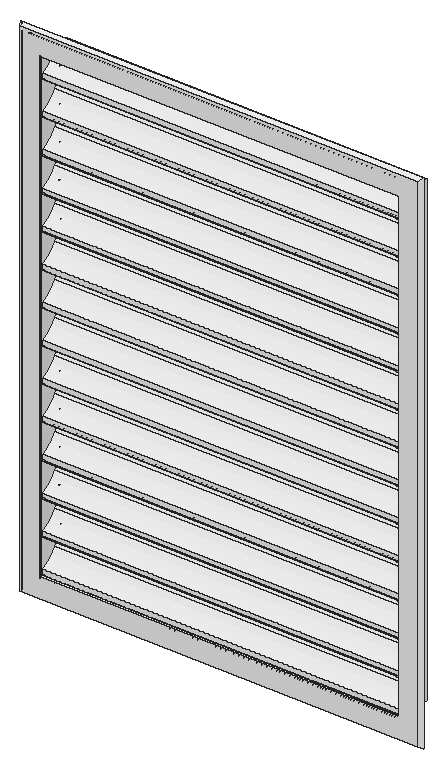
Revit family
Parameters (values of type "OHL-F-34")
  URL = "http://www.productspec.net/products/18502/holyoake-industries-ltd/small-blade-outside-horizontal-louvers-ohl-34.aspx"
  Type Comments = "34mm Horizontal Curved Profile Louvers in Flanged Surround"
  Technical Data = "http://www.collate.co.nz/nas/TechnicalFiles/2367/p18502/F6-F7%20OHL45%2034.pdf"
  Ownership = "Holyoake Industries Limited"
  Overall Opening = Exact Neck Height - 2.60 mm  # 517.40 mm
  Louver Depth = 38.30 mm
  Nominal Width = 406.00 mm
  Nominal Height = 526.00 mm
  Model = "OHL-F-34"
  Manufacturer = "Holyoake Industries Limited"
  Keynote = ""
  Flange Width = 25.40 mm
  Flange Thickness = 4.70 mm
  Exact Overall Flange Height = Nominal Height + 42.20 mm  # 568.20 mm
  Exact Overall Flange Width = Nominal Width + 42.20 mm  # 448.20 mm
  Exact Neck Width = Nominal Width - 6.00 mm  # 400.00 mm
  Exact Neck Height = Nominal Height - 6.00 mm  # 520.00 mm
  Description = "Holyoake Outside Horizontal Louver"
  Created By = "Productspec Limited"
  Frame & Blades = Aluminium
  Top Blade Height = Overall Opening - Blade Cut Setout  # 23.40 mm
  Blade Pitch = 38.00 mm
  Blade Offset = 2.08 mm
  Blade Length = Exact Neck Width - 2.60 mm  # 397.40 mm
  Blade Height = 56.77 mm
  Blade Cut Setout = Blade Count * Blade Pitch  # 494.00 mm
  Blade Count = Blade Array Count - 1  # 13
  Blade Array Count = Overall Opening / Blade Pitch  # 13.6158
  Author = "Zinder Zhao"
  Assembly Code = ""
  Accessories = "Aluminium Bird mesh or insect mesh (fibreglass)"
Reference planes
  plane 1 "Center (Front/Back)": y = 0
  plane 2: z = 1.3
  plane 3 "Center (Left/Right)": x = -3
  plane 4: x = -201.7
  plane 5: x = 195.7
  plane 6 "Overall Opening": z = 518.7
  plane 7: y = 38.3
  plane 8: z = 39.3
  plane 9: y = 2.08
  plane 10: y = 4.7
  plane 11: x = -203
  plane 12: x = 197
  plane 13: x = -227.1
  plane 14: x = 221.1
  plane 15: x = 200
  plane 16: x = -206
  plane 17: z = -24.1
  plane 18: z = 544.1
  plane 19: z = 520
  plane 20: z = -3
  plane 21: z = 523
  plane 22: z = 260
  plane 23: z = 58.07
  plane 24 "Cut Blade Setout": z = 495.3
  plane 25: z = 1.3
  plane 26: z = 0
Forms (mm)
  Sweep 1, solid, material "Aluminium" <- "Frame & Blades", detail levels fine
    path origin (0, 0, 0) x (1, 0, 0) y (0, 0, 1)
      loop
        line (195.7, 1.3) -> (195.7, 518.7) -> (-201.7, 518.7) -> (-201.7, 1.3) -> (195.7, 1.3)
    profile "Holyoake_OutsideLouvre_OHL-34_Flange_profile : OHL-34 Flange Profile" origin (195.7, 0, 260) x (-1, 0, 0) y (0, -1, 0)
      loop
        line (-25.4, -4.7) -> (-24.1, -4.7) -> (-22.31, -1.6) -> (-19.1, -1.6) -> (-19.1, -4.7) -> (-16.95, -4.7)
        arc (-16.95, -4.7) -> (-16.3, -4.05) -> (-16.95, -3.4) r 0.65
        line (-16.95, -3.4) -> (-17.9, -3.4) -> (-17.9, -1.6) -> (-3.5, -1.6) -> (-3.5, -3.4) -> (-4.45, -3.4)
        arc (-4.45, -3.4) -> (-5.1, -4.05) -> (-4.45, -4.7) r 0.65
        line (-4.45, -4.7) -> (-3.09, -4.7) -> (-1.3, -1.6) -> (-1.3, -38.3) -> (5.7, -38.3) -> (5.7, -37) -> (0, -37) -> (0, -1.739) -> (-1.004, 0) -> (-22.686, 0) -> (-25.4, -4.7)
  Extrusion 2, solid, material "Aluminium" <- "Frame & Blades", detail levels coarse+medium
    sketch origin (0, 0, 0) x (1, 0, 0) y (0, 1, 0)
      loop
        line (-203, 38.3) -> (-203, 0) -> (196.704, 0) -> (196.704, 38.3) -> (-203, 38.3)
    from 0 to 520
Dimensions and locks
  equal spacing: plane 11, plane 3 "Center (Left/Right)", plane 12
  "Exact Neck Width": plane 11 to plane 12
  "Nominal Width": plane 16 to plane 15
  "Exact Overall Flange Width": plane 13 to plane 14
  "Louver Depth": plane 1 "Center (Front/Back)" to plane 7
  "Flange Thickness": plane 1 "Center (Front/Back)" to plane 10
  "Blade Offset": plane 9 to plane 1 "Center (Front/Back)"
  locked: plane 11 to plane 4 at 1.3
  locked: plane 16 to plane 11 at 3
  "Blade Length": plane 4 to plane 5
  "Nominal Height": plane 21 to plane 20
  "Exact Overall Flange Height": plane 18 to plane 17
  "Overall Opening": plane 6 "Overall Opening" to plane 2
  plane 19 to plane 6 "Overall Opening" = 1.30 mm
  plane 21 to plane 19 = 3.00 mm
  plane 18 to plane 21 = 21.10 mm
  "Blade Height": plane 23 to plane 2
  equal spacing: group 1, group 2, group 3, group 4, group 5, group 6, group 7, group 8, group 9, group 10, group 11, group 12, group 13  (x3)
  "Flange Width": plane 13 to plane 4
  "Blade Pitch": plane 8 to plane 2
  "Blade Cut Setout": plane 24 "Cut Blade Setout" to plane 2
  equal spacing: plane 19, plane 22, plane 26
  "Exact Neck Height": plane 19 to plane 26
  aligned and locked: plane 6 "Overall Opening" to Sweep 1 sketch curve
  aligned and locked: Sweep 1 sketch curve to plane 4
  aligned and locked: plane 5 to Sweep 1 sketch curve
  aligned and locked: Sweep 1 sketch curve to plane 2
  aligned and locked: Sweep 1 to plane 5  (x2)
  aligned and locked: plane 4 to Sweep 1  (x2)
  aligned and locked: Sweep 1 to plane 6 "Overall Opening"
  aligned and locked: plane 2 to Sweep 1
  aligned and locked: plane 3 "Center (Left/Right)" to nested 1
  aligned and locked: nested 1 to nested 1
  aligned and locked: nested 2 to nested 2
  aligned and locked: nested 3 to nested 3
  aligned and locked: nested 4 to nested 4
  aligned and locked: nested 5 to nested 5
  aligned and locked: plane 3 "Center (Left/Right)" to nested 6
  aligned and locked: nested 6 to plane 24 "Cut Blade Setout"  (x2)
  aligned and locked: nested 1 to plane 25
  aligned and locked: plane 23 to nested 1
  aligned and locked: nested 2 to plane 8
  aligned and locked: nested 7 to nested 7
  aligned and locked: nested 8 to nested 8
  aligned and locked: nested 9 to nested 9
  aligned and locked: nested 10 to nested 10
  aligned and locked: nested 11 to nested 11
  aligned and locked: nested 12 to nested 12
  aligned and locked: nested 13 to nested 13
  aligned and locked: Extrusion 2 sketch curve to Sweep 1  (x4)
  aligned and locked: Extrusion 2 to plane 26
  aligned and locked: plane 19 to Extrusion 2
  aligned and locked: nested 14 to nested 14
Nested families
  nested 1: "Holyoake_OutsideLouvre_OHL-34_Blade" at (-3, 2.08, 1.3), type "Holyoake_OutsideLouvre_OHL-34_Blade"
  nested 2: "Holyoake_OutsideLouvre_OHL-34_Blade" at (-3, 2.08, 39.3), type "Holyoake_OutsideLouvre_OHL-34_Blade"
  nested 3: "Holyoake_OutsideLouvre_OHL-34_Blade" at (-3, 2.08, 77.3), type "Holyoake_OutsideLouvre_OHL-34_Blade"
  nested 4: "Holyoake_OutsideLouvre_OHL-34_Blade" at (-3, 2.08, 115.3), type "Holyoake_OutsideLouvre_OHL-34_Blade"
  nested 5: "Holyoake_OutsideLouvre_OHL-34_Blade" at (-3, 2.08, 153.3), type "Holyoake_OutsideLouvre_OHL-34_Blade"
  nested 6: "Holyoake_OutsideLouvre_OHL-34_BladeWithVoid" at (-3, 2.08, 495.3), type "Holyoake_OutsideLouvre_OHL-34_Blade"
    with Blade cut setout 23.40 mm
  nested 7: "Holyoake_OutsideLouvre_OHL-34_Blade" at (-3, 2.08, 191.3), type "Holyoake_OutsideLouvre_OHL-34_Blade"
  nested 8: "Holyoake_OutsideLouvre_OHL-34_Blade" at (-3, 2.08, 229.3), type "Holyoake_OutsideLouvre_OHL-34_Blade"
  nested 9: "Holyoake_OutsideLouvre_OHL-34_Blade" at (-3, 2.08, 267.3), type "Holyoake_OutsideLouvre_OHL-34_Blade"
  nested 10: "Holyoake_OutsideLouvre_OHL-34_Blade" at (-3, 2.08, 305.3), type "Holyoake_OutsideLouvre_OHL-34_Blade"
  nested 11: "Holyoake_OutsideLouvre_OHL-34_Blade" at (-3, 2.08, 343.3), type "Holyoake_OutsideLouvre_OHL-34_Blade"
  nested 12: "Holyoake_OutsideLouvre_OHL-34_Blade" at (-3, 2.08, 381.3), type "Holyoake_OutsideLouvre_OHL-34_Blade"
  nested 13: "Holyoake_OutsideLouvre_OHL-34_Blade" at (-3, 2.08, 419.3), type "Holyoake_OutsideLouvre_OHL-34_Blade"
  nested 14: "Holyoake_OutsideLouvre_OHL-34_Blade" at (-3, 2.08, 457.3), type "Holyoake_OutsideLouvre_OHL-34_Blade"
Connectors
  hvac at (-3, 38.3, 260), driven by "Exact Neck Height", driven by "Exact Neck Width"
    settings: on Sweep 1, index 1
Definition of nested family "Holyoake_OutsideLouvre_OHL-34_Blade"
  Parameters (values of type "Holyoake_OutsideLouvre_OHL-34_Blade")
    URL = "http://www.holyoake.co.nz/407.0.html"
    Type Comments = "Outside Louvre Blade"
    Ownership = "Holyoake lndustries Limited"
    Model = "OHL-34 Blade"
    Manufacturer = "Holyoake lndustries Limited"
    Created by = "Productspec Limited"
    Length = 397.40 mm
    Blade = Aluminium
    Width = 34.14 mm
    Height = 56.77 mm
    Author = "Zinder Zhao"
    Assembly Code = ""
  Reference planes
    plane 1 "Center (Front/Back)": y = 0
    plane 2: z = 0
    plane 3 "Center (Left/Right)": x = 0
    plane 4: z = 56.77
    plane 5: y = 34.14
    plane 6: z = 1.3
    plane 7: y = 1.3
    plane 8: y = 2.38
    plane 9: z = 55.27
    plane 10: y = 31.74
    plane 11: y = 32.84
    plane 12: y = 24.12
    plane 13: y = 21.95
    plane 14: z = 6.37
    plane 15: y = 28.09
    plane 16: z = 51.35
    plane 17: z = 43.64
    plane 18: through (-117, 28.09, 43.64) normal (0, -0.5, -0.866)
    plane 19: through (-117, 37.293, 55.508) normal (0, -0.8684, 0.4959)
    plane 20: z = 41.642
    plane 21: z = 40.46
    plane 22: z = 49.61
    plane 23: x = 198.7
    plane 24: x = -198.7
  Forms (mm)
    Extrusion 1, solid, material "Aluminium" <- "Blade", detail levels fine
      sketch origin (-117, 0, 0) x (0, 1, 0) y (0, 0, 1)
        loop
          line (1.3, 1.137) -> (1.3, 5.572)
          arc (1.3, 5.572) -> (10.426, 12.242) -> (17.582, 20.993) r 44.595
          line (17.582, 20.993) -> (28.738, 40.527)
          arc (28.738, 40.527) -> (29.563, 40.822) -> (30.275, 41.332) r 3.18
          arc (30.275, 41.332) -> (30.3, 42.251) -> (29.38, 42.277) r 0.65
          arc (29.38, 42.277) -> (26.859, 42.223) -> (26.56, 44.727) r 1.877
          line (26.56, 44.727) -> (30.029, 49.611)
          arc (30.029, 49.611) -> (30.516, 49.936) -> (31.09, 50.05) r 1.5
          line (31.09, 50.05) -> (32.279, 50.05)
          arc (32.279, 50.05) -> (32.854, 49.936) -> (33.341, 49.61) r 1.5
          line (33.341, 49.61) -> (34.14, 49.61) -> (34.14, 56.77) -> (32.39, 56.768)
          arc (32.39, 56.768) -> (31.787, 55.876) -> (32.84, 55.649) r 0.65
          line (32.84, 55.649) -> (32.84, 52.958)
          arc (32.84, 52.958) -> (32.481, 51.868) -> (31.456, 51.35) r 1.5
          line (31.456, 51.35) -> (30.654, 51.35)
          arc (30.654, 51.35) -> (29.105, 50.883) -> (28.073, 49.636) r 2.801
          arc (28.073, 49.636) -> (25.551, 45.913) -> (22.262, 42.847) r 20
          arc (22.262, 42.847) -> (22.063, 41.926) -> (22.992, 41.773) r 0.65
          arc (22.992, 41.773) -> (25.815, 41.866) -> (26.424, 39.108) r 2.21
          line (26.424, 39.108) -> (16.666, 22.022)
          arc (16.666, 22.022) -> (9.485, 12.969) -> (0, 6.37) r 39.67
          line (0, 6.37) -> (0, 0.65)
          arc (0, 0.65) -> (0.19, 0.19) -> (0.65, 0) r 0.65
          line (0.65, 0) -> (1.73, 0)
          arc (1.73, 0) -> (2.338, 0.88) -> (1.3, 1.137) r 0.65
      from -81.7 to 315.7
  Dimensions and locks
    "Height": plane 4 to plane 2
    "Width": plane 5 to plane 1 "Center (Front/Back)"
    "Length": plane 24 to plane 23
    equal spacing: plane 24, plane 3 "Center (Left/Right)", plane 23
    aligned and locked: plane 4 to Extrusion 1 sketch curve
    aligned and locked: Extrusion 1 sketch curve to plane 2
    aligned and locked: plane 1 "Center (Front/Back)" to Extrusion 1 sketch curve
    aligned and locked: Extrusion 1 sketch curve to plane 5
    aligned and locked: Extrusion 1 sketch curve to plane 11
    aligned and locked: Extrusion 1 sketch curve to plane 7
    aligned and locked: Extrusion 1 sketch curve to plane 19
    aligned and locked: Extrusion 1 to plane 24
    aligned and locked: plane 23 to Extrusion 1
  Automatic sketch dimensions
    Extrusion 1 sketch curve to Extrusion 1 sketch curve = 0.00 mm  (x3)
    Extrusion 1 sketch curve to plane 15 = 0.00 mm
    Extrusion 1 sketch curve to plane 16 = 0.00 mm
    Extrusion 1 sketch curve to plane 22 = 0.00 mm
    Extrusion 1 sketch curve to plane 14 = 0.00 mm
    Extrusion 1 sketch curve to plane 17 = 0.00 mm
    plane 20 to Extrusion 1 sketch curve = 0.245 mm
    plane 17 to Extrusion 1 sketch curve = 0.98 mm
    Extrusion 1 sketch curve to Extrusion 1 sketch curve = 2.568 mm
    Extrusion 1 sketch curve to plane 1 "Center (Front/Back)" = 0.65 mm
    Extrusion 1 sketch curve to plane 7 = 0.43 mm
    plane 4 to Extrusion 1 sketch curve = 2.148 mm
    Extrusion 1 sketch curve to plane 8 = 7.977 mm
    plane 13 to Extrusion 1 sketch curve = 5.284 mm
    Extrusion 1 sketch curve to Extrusion 1 sketch curve = 0.916 mm
    Extrusion 1 sketch curve to plane 13 = 0.312 mm
    Extrusion 1 sketch curve to Extrusion 1 sketch curve = 0.338 mm
    plane 20 to Extrusion 1 sketch curve = 0.132 mm
    Extrusion 1 sketch curve to Extrusion 1 sketch curve = 0.392 mm
    Extrusion 1 sketch curve to plane 12 = 0.339 mm
    plane 15 to Extrusion 1 sketch curve = 1.666 mm
    plane 15 to Extrusion 1 sketch curve = 1.53 mm
    plane 15 to Extrusion 1 sketch curve = 0.017 mm
    plane 21 to Extrusion 1 sketch curve = 0.067 mm
    plane 20 to Extrusion 1 sketch curve = 0.635 mm
    Extrusion 1 sketch curve to plane 15 = 1.29 mm
    Extrusion 1 sketch curve to Extrusion 1 sketch curve = 0.001 mm  (x2)
    plane 20 to Extrusion 1 sketch curve = 0.162 mm
    Extrusion 1 sketch curve to Extrusion 1 sketch curve = 0.447 mm  (x2)
    plane 22 to Extrusion 1 sketch curve = 0.001 mm
    plane 10 to Extrusion 1 sketch curve = 1.711 mm
    Extrusion 1 sketch curve to plane 20 = 0.31 mm
    plane 10 to Extrusion 1 sketch curve = 1.086 mm
    plane 22 to Extrusion 1 sketch curve = 0.44 mm
    Extrusion 1 sketch curve to Extrusion 1 sketch curve = 1.061 mm
    plane 10 to Extrusion 1 sketch curve = 0.396 mm
    plane 10 to Extrusion 1 sketch curve = 0.284 mm
    Extrusion 1 sketch curve to plane 10 = 0.539 mm
    plane 11 to Extrusion 1 sketch curve = 0.45 mm
    plane 5 to Extrusion 1 sketch curve = 0.799 mm
    Extrusion 1 sketch curve to Extrusion 1 sketch curve = 0.65 mm
    Extrusion 1 sketch curve to plane 14 = 0.798 mm
    Extrusion 1 sketch curve to plane 21 = 1.352 mm
    Extrusion 1 sketch curve to Extrusion 1 sketch curve = 0.518 mm
    Extrusion 1 sketch curve to Extrusion 1 sketch curve = 1.496 mm
    plane 9 to Extrusion 1 sketch curve = 0.379 mm
    Extrusion 1 sketch curve to Extrusion 1 sketch curve = 0.469 mm
Definition of nested family "Holyoake_OutsideLouvre_OHL-34_BladeWithVoid"
  Parameters (values of type "Holyoake_OutsideLouvre_OHL-34_Blade")
    URL = "http://www.holyoake.co.nz/407.0.html"
    Type Comments = "Outside Louvre Blade"
    Ownership = "Holyoake lndustries Limited"
    Model = "OHL-34 Blade"
    Manufacturer = "Holyoake lndustries Limited"
    Created by = "Productspec Limited"
    Length = 397.40 mm
    Blade cut setout = 41.40 mm
    Blade = Aluminium
    Width = 34.14 mm
    Height = 56.77 mm
    Author = "Zinder Zhao"
    Assembly Code = ""
  Reference planes
    plane 1 "Center (Front/Back)": y = 0
    plane 2: z = 0
    plane 3 "Center (Left/Right)": x = 0
    plane 4: z = 56.77
    plane 5: y = 34.14
    plane 6: z = 1.3
    plane 7: y = 1.3
    plane 8: y = 2.38
    plane 9: z = 55.27
    plane 10: y = 31.74
    plane 11: y = 32.84
    plane 12: y = 24.12
    plane 13: y = 21.95
    plane 14: z = 6.37
    plane 15: y = 28.09
    plane 16: z = 51.35
    plane 17: z = 43.64
    plane 18: through (-117, 28.09, 43.64) normal (0, -0.5, -0.866)
    plane 19: through (-117, 37.293, 55.508) normal (0, -0.8684, 0.4959)
    plane 20: z = 41.642
    plane 21: z = 40.46
    plane 22: z = 49.61
    plane 23: x = 198.7
    plane 24: x = -198.7
    plane 25 "Blade cut setout": z = 41.4
  Forms (mm)
    Extrusion 1, solid, material "Aluminium" <- "Blade", detail levels fine
      sketch origin (-117, 0, 0) x (0, 1, 0) y (0, 0, 1)
        loop
          line (1.3, 1.137) -> (1.3, 5.572)
          arc (1.3, 5.572) -> (10.426, 12.242) -> (17.582, 20.993) r 44.595
          line (17.582, 20.993) -> (28.738, 40.527)
          arc (28.738, 40.527) -> (29.563, 40.822) -> (30.275, 41.332) r 3.18
          arc (30.275, 41.332) -> (30.3, 42.251) -> (29.38, 42.277) r 0.65
          arc (29.38, 42.277) -> (26.859, 42.223) -> (26.56, 44.727) r 1.877
          line (26.56, 44.727) -> (30.029, 49.611)
          arc (30.029, 49.611) -> (30.516, 49.936) -> (31.09, 50.05) r 1.5
          line (31.09, 50.05) -> (32.279, 50.05)
          arc (32.279, 50.05) -> (32.854, 49.936) -> (33.341, 49.61) r 1.5
          line (33.341, 49.61) -> (34.14, 49.61) -> (34.14, 56.77) -> (32.39, 56.768)
          arc (32.39, 56.768) -> (31.787, 55.876) -> (32.84, 55.649) r 0.65
          line (32.84, 55.649) -> (32.84, 52.958)
          arc (32.84, 52.958) -> (32.481, 51.868) -> (31.456, 51.35) r 1.5
          line (31.456, 51.35) -> (30.654, 51.35)
          arc (30.654, 51.35) -> (29.105, 50.883) -> (28.073, 49.636) r 2.801
          arc (28.073, 49.636) -> (25.551, 45.913) -> (22.262, 42.847) r 20
          arc (22.262, 42.847) -> (22.063, 41.926) -> (22.992, 41.773) r 0.65
          arc (22.992, 41.773) -> (25.815, 41.866) -> (26.424, 39.108) r 2.21
          line (26.424, 39.108) -> (16.666, 22.022)
          arc (16.666, 22.022) -> (9.485, 12.969) -> (0, 6.37) r 39.67
          line (0, 6.37) -> (0, 0.65)
          arc (0, 0.65) -> (0.19, 0.19) -> (0.65, 0) r 0.65
          line (0.65, 0) -> (1.73, 0)
          arc (1.73, 0) -> (2.338, 0.88) -> (1.3, 1.137) r 0.65
      from -81.7 to 315.7
    Extrusion 2, void
      sketch origin (0, 0, 41.4) x (0, 1, 0) y (-1, 0, 0)
        loop
          line (34.14, 198.7) -> (0, 198.7) -> (0, -198.7) -> (34.14, -198.7) -> (34.14, 198.7)
      from 0 to 100
  Cuts and joins
    Extrusion 2 cuts Extrusion 1
  Dimensions and locks
    "Height": plane 4 to plane 2
    "Width": plane 5 to plane 1 "Center (Front/Back)"
    "Length": plane 24 to plane 23
    equal spacing: plane 24, plane 3 "Center (Left/Right)", plane 23
    "Blade cut setout": plane 25 "Blade cut setout" to plane 2
    aligned and locked: plane 4 to Extrusion 1 sketch curve
    aligned and locked: Extrusion 1 sketch curve to plane 2
    aligned and locked: plane 1 "Center (Front/Back)" to Extrusion 1 sketch curve
    aligned and locked: Extrusion 1 sketch curve to plane 5
    aligned and locked: Extrusion 1 sketch curve to plane 11
    aligned and locked: Extrusion 1 sketch curve to plane 7
    aligned and locked: Extrusion 1 sketch curve to plane 19
    aligned and locked: Extrusion 1 to plane 24
    aligned and locked: plane 23 to Extrusion 1
    aligned and locked: Extrusion 2 sketch curve to plane 24
    aligned and locked: plane 1 "Center (Front/Back)" to Extrusion 2 sketch curve
    aligned and locked: plane 23 to Extrusion 2 sketch curve
    aligned and locked: Extrusion 2 sketch curve to plane 5
  Automatic sketch dimensions
    Extrusion 1 sketch curve to Extrusion 1 sketch curve = 0.00 mm  (x3)
    Extrusion 1 sketch curve to plane 15 = 0.00 mm
    Extrusion 1 sketch curve to plane 16 = 0.00 mm
    Extrusion 1 sketch curve to plane 22 = 0.00 mm
    Extrusion 1 sketch curve to plane 14 = 0.00 mm
    Extrusion 1 sketch curve to plane 17 = 0.00 mm
    plane 20 to Extrusion 1 sketch curve = 0.245 mm
    plane 17 to Extrusion 1 sketch curve = 0.98 mm
    Extrusion 1 sketch curve to Extrusion 1 sketch curve = 2.568 mm
    Extrusion 1 sketch curve to plane 1 "Center (Front/Back)" = 0.65 mm
    Extrusion 1 sketch curve to plane 7 = 0.43 mm
    plane 4 to Extrusion 1 sketch curve = 2.148 mm
    Extrusion 1 sketch curve to plane 8 = 7.977 mm
    plane 13 to Extrusion 1 sketch curve = 5.284 mm
    Extrusion 1 sketch curve to Extrusion 1 sketch curve = 0.916 mm
    Extrusion 1 sketch curve to plane 13 = 0.312 mm
    Extrusion 1 sketch curve to Extrusion 1 sketch curve = 0.338 mm
    plane 20 to Extrusion 1 sketch curve = 0.132 mm
    Extrusion 1 sketch curve to Extrusion 1 sketch curve = 0.392 mm
    Extrusion 1 sketch curve to plane 12 = 0.339 mm
    plane 15 to Extrusion 1 sketch curve = 1.666 mm
    plane 15 to Extrusion 1 sketch curve = 1.53 mm
    plane 15 to Extrusion 1 sketch curve = 0.017 mm
    plane 21 to Extrusion 1 sketch curve = 0.067 mm
    plane 20 to Extrusion 1 sketch curve = 0.635 mm
    Extrusion 1 sketch curve to plane 15 = 1.29 mm
    Extrusion 1 sketch curve to Extrusion 1 sketch curve = 0.001 mm  (x2)
    plane 20 to Extrusion 1 sketch curve = 0.162 mm
    Extrusion 1 sketch curve to Extrusion 1 sketch curve = 0.447 mm  (x2)
    plane 22 to Extrusion 1 sketch curve = 0.001 mm
    plane 10 to Extrusion 1 sketch curve = 1.711 mm
    Extrusion 1 sketch curve to plane 20 = 0.31 mm
    plane 10 to Extrusion 1 sketch curve = 1.086 mm
    plane 22 to Extrusion 1 sketch curve = 0.44 mm
    Extrusion 1 sketch curve to Extrusion 1 sketch curve = 1.061 mm
    plane 10 to Extrusion 1 sketch curve = 0.396 mm
    plane 10 to Extrusion 1 sketch curve = 0.284 mm
    Extrusion 1 sketch curve to plane 10 = 0.539 mm
    plane 11 to Extrusion 1 sketch curve = 0.45 mm
    plane 5 to Extrusion 1 sketch curve = 0.799 mm
    Extrusion 1 sketch curve to Extrusion 1 sketch curve = 0.65 mm
    Extrusion 1 sketch curve to plane 14 = 0.798 mm
    Extrusion 1 sketch curve to plane 21 = 1.352 mm
    Extrusion 1 sketch curve to Extrusion 1 sketch curve = 0.518 mm
    Extrusion 1 sketch curve to Extrusion 1 sketch curve = 1.496 mm
    plane 9 to Extrusion 1 sketch curve = 0.379 mm
    Extrusion 1 sketch curve to Extrusion 1 sketch curve = 0.469 mm
